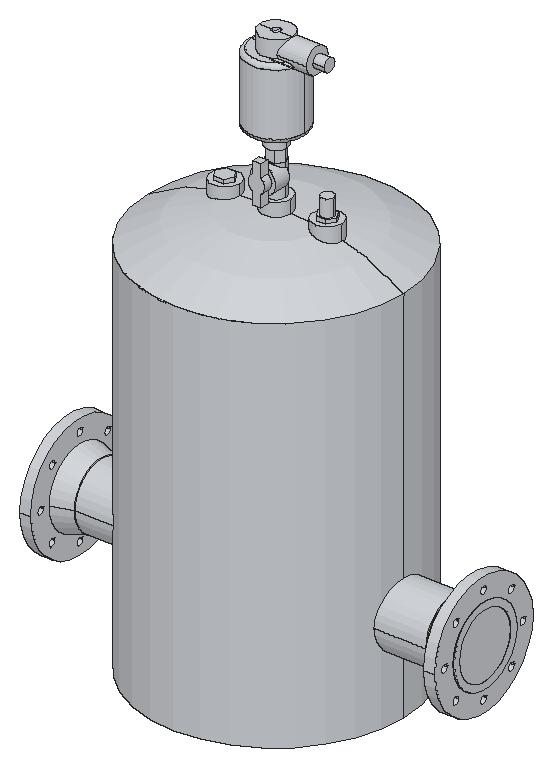
Revit family "307_9ea7d12cee1e489fa1276d4329909b", category Pipe Accessories, Revit 2022
Family settings
  Round Connector Dimension = Use Diameter
  Part Type = Breaks Into
  Work Plane-Based = No
  Always vertical = Yes
  Cut with Voids When Loaded = No
  Shared = No
Parameters (values of type "2258 80")
  magiProductId = "75b5f049f10b4ad7af4111e15f281b"
  magiProductFamilyId = "9ea7d12cee1e489fa1276d4329909b"
  magiPartTypeId = 307
  isMeasuringValve [instance] = no
  ang2D [instance] = 0.00°
  W2D = 100 mm
  VersionID = "2.0/2018.5.23.1/FAR_2258_001"
  Use Minimum Symbol Size [instance] = yes
  RR = 7.5 mm
  RH = 12 mm
  RC = 39 mm
  R2 = 12.5 mm
  R = 40 mm
  QmdConnectorList = "301;D;302;D"
  Productdata [instance] = "© MagiCAD Group, all rights reserved"
  NR1 = 17.5 mm
  NR = 11.25 mm
  Manufacturer = "FAR"
  Maintenance Zone Under Depth [instance] = 150 mm
  Maintenance Zone Right Depth [instance] = 256.5 mm
  Maintenance Zone Over Depth [instance] = 585 mm
  Maintenance Zone Left Depth [instance] = 256.5 mm
  Maintenance Zone Front Depth [instance] = 313 mm
  Maintenance Zone Back Depth [instance] = 313 mm
  Maintenance Zone Front Visibility [instance] = no
  MC Product Code = "2258 80"
  LM = 429.9 mm
  LL = 255.5 mm
  L2D_Min = 3048 mm
  L2D = 511 mm
  L1 = 25.55 mm
  HT = 390 mm
  HE1 = no
  HE = yes
  HD2 = 5 mm
  HCD2 = 60 mm
  HC = 42.426 mm
  G4 = 62.6 mm
  G = 156.5 mm
  ER = 85.8 mm
  EEE = 5 mm
  E4 = 19.5 mm
  E3 = 19.5 mm
  E2 = 39 mm
  E1 = 15.6 mm
  Description = "Flanged deaerator, swiveling air vent, max. press. 10 bar"
  Default Elevation = 0 mm
  DM2 = 48 mm
  DM1 = 48 mm
  D12 = 75 mm
  D = 80 mm
  CenSd_NR_6 = NR * cos(30.00°)  # 9.743 mm
  CenSd_NR1_6 = NR1 * cos(30.00°)  # 15.155 mm
  Clearance Zone Height Depth [instance] = 585 mm
  Clearance Zone Circular Radius [instance] = 256.5 mm
  Clearance Zone Visibility [instance] = no
  B1__ve = -B1  # -2 mm
  B11__ve = -B11  # -13 mm
  B11 = 13 mm
  B1 = 2 mm
  A = 178 mm
Types (4, lengths in mm): name | magiProductId | RC | R | Productdata | Maintenance Zone Right Depth | Maintenance Zone Over Depth | Maintenance Zone Left Depth | Maintenance Zone Front Depth | Maintenance Zone Back Depth | MC Product Code | LM | LL | L1 | HT | HE1 | HE | HCD2 | HC | G4 | G | ER | E4 | E3 | E2 | E1 | DM2 | DM1 | D12 | D | Clearance Zone Height Depth | Clearance Zone Circular Radius | A
  2258 100 | "25a53c9746d945658aea968eb50474" | 39 | 50 | "© Progman Oy, all rights reserved" | 256.5 | 585 | 256.5 | 313 | 313 | "2258 100" | 429.9 | 255.5 | 25.55 | 390 | no | yes | 65 | 45.962 | 62.6 | 156.5 | 85.8 | 19.5 | 19.5 | 39 | 15.6 | 52 | 60 | 75 | 100 | 585 | 256.5 | 178
  2258 50 | "26d32bb700464772a070e503b4e49b" | 31.667 | 25 | "© Progman Oy, all rights reserved" | 172 | 475 | 172 | 208 | 208 | "2258 50" | 279.6 | 172 | 17.2 | 316.667 | yes | no | 40 | 28.284 | 41.6 | 104 | 69.667 | 15.833 | 15.833 | 31.667 | 12.667 | 32 | 30 | 50 | 50 | 475 | 197 | 148
  2258 65 | "66933bce9db34afe94ccd17522d7ed" | 31.667 | 32.5 | "© Progman Oy, all rights reserved" | 172 | 475 | 172 | 208 | 208 | "2258 65" | 279.6 | 172 | 17.2 | 316.667 | no | yes | 40 | 28.284 | 41.6 | 104 | 69.667 | 15.833 | 15.833 | 31.667 | 12.667 | 32 | 39 | 50 | 65 | 475 | 172 | 148
  2258 80 | "75b5f049f10b4ad7af4111e15f281b" | 39 | 40 | "© MagiCAD Group, all rights reserved" | 256.5 | 585 | 256.5 | 313 | 313 | "2258 80" | 429.9 | 255.5 | 25.55 | 390 | no | yes | 60 | 42.426 | 62.6 | 156.5 | 85.8 | 19.5 | 19.5 | 39 | 15.6 | 48 | 48 | 75 | 80 | 585 | 256.5 | 178
Reference planes
  plane 1 "Center (Front/Back)": y = 0
  plane 2 "XYPLANE": z = 0
  plane 3 "Center (Left/Right)": x = 0
  plane 4 "571": z = 405.6
  plane 5 "562": x = 62.6
  plane 6 "561": x = -62.6
  plane 7 "560": z = 400.6
  plane 8 "557": z = 361
  plane 9 "516": y = -313
  plane 10 "515": y = 313
  plane 11 "514": x = -256.5
  plane 12 "513": x = 256.5
  plane 13 "512": z = -150
  plane 14 "511": z = 585
  plane 15 "482": z = -168
  plane 16 "481": z = -153
  plane 17 "470": x = -5
  plane 18 "469": x = 5
  plane 19 "468": z = 420
  plane 20 "467": z = 438
  plane 21 "466": z = 405
  plane 22 "465": z = 453
  plane 23 "464": y = -20
  plane 24 "462": z = 429
  plane 25 "459": x = 50
  plane 26 "456": z = 569.4
  plane 27 "449": x = -35
  plane 28 "448": x = -20
  plane 29 "447": x = -5
  plane 30 "444": z = 585
  plane 31 "443": z = 565.5
  plane 32 "442": z = 479.7
  plane 33 "439": z = 460.2
  plane 34 "436": z = 444.6
  plane 35 "432": z = 405.6
  plane 36 "425": z = -114
  plane 37 "414": z = 351
  plane 38 "412": x = -156.5
  plane 39 "411": x = -10
  plane 40 "410": z = 390
  plane 41 "399": z = -178
  plane 42 "352": x = 214.95
  plane 43 "351": x = 240.5
  plane 44 "346": x = -214.95
  plane 45 "345": x = -240.5
  plane 46 "342": x = -253.5
  plane 47 "317": z = -42.426
  plane 48 "316": z = 42.426
  plane 49 "315": z = -60
  plane 50 "314": z = 60
  plane 51 "313": y = -60
  plane 52 "312": y = 60
  plane 53 "311": y = -42.426
  plane 54 "310": y = 42.426
  plane 55 "309": x = 253.5
  plane 56 "77": y = 0
  plane 57 "76": z = 0
  plane 58 "75": x = 0
  plane 59 "74": x = -255.5
  plane 60 "73": x = 255.5
Forms (mm)
  Extrusion 1, solid
    sketch origin (-750, 0, 405.6) x (1, 0, 0) y (0, 1, 0)
      loop
        circle (812.6, 0) r 7.5
    from 0 to 20
  Extrusion 2, solid
    sketch origin (-750, 0, 400.6) x (1, 0, 0) y (0, 1, 0)
      loop
        line (823.85, 0) -> (818.225, 9.743) -> (806.975, 9.743) -> (801.35, 0) -> (806.975, -9.743) -> (818.225, -9.743) -> (823.85, 0)
    from 0 to 5 <- "EEE"
  Extrusion 3, solid
    sketch origin (-750, 0, 400.6) x (1, 0, 0) y (0, 1, 0)
      loop
        line (698.65, 0) -> (693.025, 9.743) -> (681.775, 9.743) -> (676.15, 0) -> (681.775, -9.743) -> (693.025, -9.743) -> (698.65, 0)
    from 0 to 5 <- "EEE"
  Blend 4, solid
    base sketch origin (-750, 0, 361) x (1, 0, 0) y (0, 1, 0)
      loop
        circle (812.6, 0) r 17.5
    top sketch origin (-750, 0, 361) x (1, 0, 0) y (0, 1, 0)
      loop
        circle (812.6, 0) r 17.5
    from 0 to 39.6
  Blend 5, solid
    base sketch origin (-750, 0, 361) x (1, 0, 0) y (0, 1, 0)
      loop
        circle (687.4, 0) r 17.5
    top sketch origin (-750, 0, 361) x (1, 0, 0) y (0, 1, 0)
      loop
        circle (687.4, 0) r 17.5
    from 0 to 39.6
  Blend 6, solid, visible <- "Maintenance Zone Front Visibility"
    base sketch origin (-750, 0, 585) x (1, 0, 0) y (0, 1, 0)
      loop
        line (493.5, -313) -> (1006.5, -313) -> (1006.5, 313) -> (493.5, 313) -> (493.5, -313)
    top sketch origin (-750, 0, 585) x (1, 0, 0) y (0, 1, 0)
      loop
        line (493.5, -313) -> (1006.5, -313) -> (1006.5, 313) -> (493.5, 313) -> (493.5, -313)
    from 0 to -735
  Extrusion 7, solid, visible <- "Clearance Zone Visibility"
    sketch origin (-750, 0, 0) x (1, 0, 0) y (0, 1, 0)
      loop
        circle (750, 0) r 256.5
    from 0 to 585 <- "Clearance Zone Height Depth"
  Extrusion 8, solid
    sketch origin (-750, 0, -168) x (1, 0, 0) y (0, 1, 0)
      loop
        line (732.5, 0) -> (741.25, -15.155) -> (758.75, -15.155) -> (767.5, 0) -> (758.75, 15.155) -> (741.25, 15.155) -> (732.5, 0)
      loop
        circle (750, 0) r 12.5
    from 0 to -10
  Extrusion 9, solid
    sketch origin (-750, 0, -153) x (1, 0, 0) y (0, 1, 0)
      loop
        circle (750, 0) r 17.5
    from 0 to -15
  Extrusion 10, solid
    sketch origin (750, -20, 0) x (-1, 0, 0) y (0, 0, 1)
      loop
        line (755, 438) -> (755, 453) -> (745, 453) -> (745, 438)
        arc (745, 438) -> (740, 429) -> (745, 420) r 10.6
        line (745, 420) -> (745, 405) -> (755, 405) -> (755, 420)
        arc (755, 420) -> (760, 429) -> (755, 438) r 10.6
    from 0 to -10
  Extrusion 11, solid
    sketch origin (750, 0, 0) x (-1, 0, 0) y (0, 0, 1)
      loop
        circle (750, 429) r 15.6
    from 0 to -20
  Extrusion 12, solid
    sketch origin (50, -750, 0) x (0, 1, 0) y (0, 0, 1)
      loop
        circle (750, 569.4) r 7.5
    from 0 to 15
  Extrusion 13, solid
    sketch origin (0, -750, 0) x (0, 1, 0) y (0, 0, 1)
      loop
        circle (750, 569.4) r 15.6
    from 0 to 50
  Revolve 14, solid
    sketch origin (-5, 0, 585) x (0, 0, -1) y (1, 0, 0)
      loop
        line (0, 0) -> (0, -15) -> (19.5, -15) -> (19.5, -25)
        arc (19.5, -25) -> (20.964, -28.536) -> (24.5, -30) r 5
        line (24.5, -30) -> (100.3, -30)
        arc (100.3, -30) -> (103.836, -28.536) -> (105.3, -25) r 5
        line (105.3, -25) -> (105.3, 0) -> (0, 0)
      axis (0, 5) -> (105.3, 5)
    angle from 0 to -360
  Extrusion 15, solid
    sketch origin (-750, 0, 460.2) x (1, 0, 0) y (0, 1, 0)
      loop
        circle (750, 0) r 12.5
    from 0 to 19.5 <- "E4"
  Extrusion 16, solid
    sketch origin (-750, 0, 405.6) x (1, 0, 0) y (0, 1, 0)
      loop
        circle (750, 0) r 11.25
    from 0 to 39 <- "E2"
  Extrusion 17, solid
    sketch origin (-750, 0, 444.6) x (1, 0, 0) y (0, 1, 0)
      loop
        line (761.25, 0) -> (755.625, 9.743) -> (744.375, 9.743) -> (738.75, 0) -> (744.375, -9.743) -> (755.625, -9.743) -> (761.25, 0)
    from 0 to 15.6 <- "E1"
  Extrusion 18, solid
    sketch origin (-750, 0, 390) x (1, 0, 0) y (0, 1, 0)
      loop
        circle (750, 0) r 17.5
    from 0 to 15.6 <- "E1"
  Revolve 19, solid
    sketch origin (-10, 0, -153) x (0, 0, -1) y (1, 0, 0)
      loop
        line (0, 0) -> (-543, 0)
        arc (-543, 0) -> (-535.096, -76.337) -> (-504, -146.5) r 245.409
        line (-504, -146.5) -> (-39, -146.5)
        arc (-39, -146.5) -> (-7.904, -76.337) -> (0, 0) r 245.409
      axis (-543, 10) -> (0, 10)
    angle from 0 to -360
  Extrusion 20, solid
    sketch origin (-214.95, -750, 0) x (0, 1, 0) y (0, 0, 1)
      loop
        circle (750, 0) r 40
    from 0 to 429.9 <- "LM"
  Blend 21, solid
    base sketch origin (214.95, -750, 0) x (0, 1, 0) y (0, 0, 1)
      loop
        circle (750, 0) r 40
    top sketch origin (214.95, -750, 0) x (0, 1, 0) y (0, 0, 1)
      loop
        circle (750, 0) r 48
    from 0 to 25.55
  Blend 22, solid
    base sketch origin (-240.5, -750, 0) x (0, 1, 0) y (0, 0, 1)
      loop
        circle (750, 0) r 48
    top sketch origin (-240.5, -750, 0) x (0, 1, 0) y (0, 0, 1)
      loop
        circle (750, 0) r 40
    from 0 to 25.55
  Extrusion 23, solid, visible <- "HE"
    sketch origin (-253.5, -750, 0) x (0, 1, 0) y (0, 0, 1)
      loop
        circle (750, 0) r 75
      loop
        circle (792.426, -42.426) r 5
      loop
        circle (810, 0) r 5
      loop
        circle (792.426, 42.426) r 5
      loop
        circle (750, 60) r 5
      loop
        circle (690, 0) r 5
      loop
        circle (707.574, 42.426) r 5
      loop
        circle (707.574, -42.426) r 5
      loop
        circle (750, -60) r 5
    from 0 to 13 <- "B11"
  Extrusion 24, solid, visible <- "HE1"
    sketch origin (-253.5, -750, 0) x (0, 1, 0) y (0, 0, 1)
      loop
        circle (750, 0) r 75
      loop
        circle (792.426, -42.426) r 5
      loop
        circle (792.426, 42.426) r 5
      loop
        circle (707.574, 42.426) r 5
      loop
        circle (707.574, -42.426) r 5
    from 0 to 13 <- "B11"
  Extrusion 25, solid
    sketch origin (-255.5, -750, 0) x (0, 1, 0) y (0, 0, 1)
      loop
        circle (750, 0) r 48
      loop
        circle (750, 0) r 40
    from 0 to 2 <- "B1"
  Extrusion 26, solid
    sketch origin (255.5, -750, 0) x (0, 1, 0) y (0, 0, 1)
      loop
        circle (750, 0) r 48
      loop
        circle (750, 0) r 40
    from 0 to -2 <- "B1__ve"
  Extrusion 27, solid, visible <- "HE1"
    sketch origin (253.5, -750, 0) x (0, 1, 0) y (0, 0, 1)
      loop
        circle (750, 0) r 75
      loop
        circle (792.426, -42.426) r 5
      loop
        circle (792.426, 42.426) r 5
      loop
        circle (707.574, 42.426) r 5
      loop
        circle (707.574, -42.426) r 5
    from 0 to -13 <- "B11__ve"
  Extrusion 28, solid, visible <- "HE"
    sketch origin (253.5, -750, 0) x (0, 1, 0) y (0, 0, 1)
      loop
        circle (750, 0) r 75
      loop
        circle (792.426, -42.426) r 5
      loop
        circle (810, 0) r 5
      loop
        circle (792.426, 42.426) r 5
      loop
        circle (750, 60) r 5
      loop
        circle (690, 0) r 5
      loop
        circle (707.574, 42.426) r 5
      loop
        circle (707.574, -42.426) r 5
      loop
        circle (750, -60) r 5
    from 0 to -13 <- "B11__ve"
  Extrusion 29, solid, not visible
    sketch origin (-255.5, -750, 0) x (0, 1, 0) y (0, 0, 1)
      loop
        circle (750, 0) r 10
    from 0 to 10
  Extrusion 30, solid, not visible
    sketch origin (255.5, -750, 0) x (0, 1, 0) y (0, 0, 1)
      loop
        circle (750, 0) r 10
    from 0 to -10
Lines and regions (mm)
  reference lines, not visible
    curve 1: circle (2, 2, 0) r 1 normal (0, 0, 1)
  reference lines
    curve 2: line (62.6, 0, 400.6) -> (59.787, 4.871, 400.6)
    curve 3: line (62.6, 0, 400.6) -> (56.975, 0, 400.6)
    curve 4: line (62.6, 0, 400.6) -> (59.787, -4.871, 400.6)
    curve 5: line (-62.6, 0, 400.6) -> (-65.412, 4.871, 400.6)
    curve 6: line (-62.6, 0, 400.6) -> (-68.225, 0, 400.6)
    curve 7: line (-62.6, 0, 400.6) -> (-65.412, -4.871, 400.6)
    curve 8: line (0, 0, -168) -> (4.375, 7.578, -168)
    curve 9: line (0, 0, -168) -> (8.75, 0, -168)
    curve 10: line (0, 0, -168) -> (4.375, -7.578, -168)
    curve 11: line (5, -20, 438) -> (5, -20, 420)
    curve 12: line (-5, -20, 420) -> (-5, -20, 438)
    curve 13: line (0, 0, 444.6) -> (-2.813, 4.871, 444.6)
    curve 14: line (0, 0, 444.6) -> (-5.625, 0, 444.6)
    curve 15: line (0, 0, 444.6) -> (-2.812, -4.871, 444.6)
    curve 16: line (-10, 0, 390) -> (-156.5, 0, 351)
    curve 17: line (-156.5, 0, -114) -> (-10, 0, -153)
Dimensions and locks
  plane 1 "Center (Front/Back)" to curve 1 = 2 mm
  "EEE": plane 7 "560" to plane 4 "571"
  "G4": plane 3 "Center (Left/Right)" to plane 5 "562"
  "G4": plane 3 "Center (Left/Right)" to plane 6 "561"
  locked: plane 35 "432" to plane 7 "560" at 5
  locked: plane 37 "414" to plane 8 "557" at 10
  "Maintenance Zone Front Depth": plane 1 "Center (Front/Back)" to plane 9 "516"
  "Maintenance Zone Back Depth": plane 1 "Center (Front/Back)" to plane 10 "515"
  "Maintenance Zone Left Depth": plane 3 "Center (Left/Right)" to plane 11 "514"
  "Maintenance Zone Right Depth": plane 3 "Center (Left/Right)" to plane 12 "513"
  "Maintenance Zone Under Depth": plane 2 "XYPLANE" to plane 13 "512"
  "Maintenance Zone Over Depth": plane 2 "XYPLANE" to plane 14 "511"
  locked: plane 41 "399" to plane 15 "482" at 10
  locked: plane 15 "482" to plane 16 "481" at 15
  locked: plane 3 "Center (Left/Right)" to plane 17 "470" at 5
  locked: plane 3 "Center (Left/Right)" to plane 18 "469" at 5
  locked: plane 21 "466" to plane 19 "468" at 15
  locked: plane 22 "465" to plane 20 "467" at 15
  locked: plane 24 "462" to plane 21 "466" at 24
  locked: plane 24 "462" to plane 22 "465" at 24
  locked: plane 56 "77" to plane 23 "464" at 20
  "E1": plane 34 "436" to plane 24 "462"
  locked: plane 3 "Center (Left/Right)" to plane 25 "459" at 50
  "E1": plane 30 "444" to plane 26 "456"
  locked: plane 28 "448" to plane 27 "449" at 15
  locked: plane 29 "447" to plane 28 "448" at 15
  locked: plane 3 "Center (Left/Right)" to plane 29 "447" at 5
  "E3": plane 31 "443" to plane 30 "444"
  "ER": plane 32 "442" to plane 31 "443"
  "E4": plane 33 "439" to plane 32 "442"
  "E1": plane 34 "436" to plane 33 "439"
  "E2": plane 35 "432" to plane 34 "436"
  "E1": plane 40 "410" to plane 35 "432"
  "RC": plane 16 "481" to plane 36 "425"
  "RC": plane 40 "410" to plane 37 "414"
  "G": plane 3 "Center (Left/Right)" to plane 38 "412"
  locked: plane 3 "Center (Left/Right)" to plane 39 "411" at 10
  "HT": plane 2 "XYPLANE" to plane 40 "410"
  "A": plane 2 "XYPLANE" to plane 41 "399"
  "L1": plane 43 "351" to plane 42 "352"
  "B11": plane 55 "309" to plane 43 "351"
  "L1": plane 45 "345" to plane 44 "346"
  "B11": plane 46 "342" to plane 45 "345"
  "B1": plane 59 "74" to plane 46 "342"
  "HC": plane 2 "XYPLANE" to plane 47 "317"
  "HC": plane 2 "XYPLANE" to plane 48 "316"
  "HCD2": plane 2 "XYPLANE" to plane 49 "315"
  "HCD2": plane 2 "XYPLANE" to plane 50 "314"
  "HCD2": plane 1 "Center (Front/Back)" to plane 51 "313"
  "HCD2": plane 1 "Center (Front/Back)" to plane 52 "312"
  "HC": plane 1 "Center (Front/Back)" to plane 53 "311"
  "HC": plane 1 "Center (Front/Back)" to plane 54 "310"
  "B1": plane 60 "73" to plane 55 "309"
  locked: plane 1 "Center (Front/Back)" to plane 56 "77"
  locked: plane 2 "XYPLANE" to plane 57 "76"
  locked: plane 3 "Center (Left/Right)" to plane 58 "75"
  "LL": plane 3 "Center (Left/Right)" to plane 59 "74"
  "LL": plane 3 "Center (Left/Right)" to plane 60 "73"
  "CenSd_NR_6": curve 2 to Extrusion 2 sketch curve  (x2)
  "CenSd_NR_6": curve 3 to Extrusion 2 sketch curve  (x2)
  "CenSd_NR_6": curve 4 to Extrusion 2 sketch curve  (x2)
  Extrusion 2 sketch curve to Extrusion 2 sketch curve = 0 mm  (x12)
  "CenSd_NR_6": curve 5 to Extrusion 3 sketch curve  (x2)
  "CenSd_NR_6": curve 6 to Extrusion 3 sketch curve  (x2)
  "CenSd_NR_6": curve 7 to Extrusion 3 sketch curve  (x2)
  Extrusion 3 sketch curve to Extrusion 3 sketch curve = 0 mm  (x12)
  Blend 6 sketch curve to Blend 6 sketch curve = 0 mm  (x16)
  "CenSd_NR1_6": curve 8 to Extrusion 8 sketch curve  (x2)
  "CenSd_NR1_6": curve 9 to Extrusion 8 sketch curve  (x2)
  "CenSd_NR1_6": curve 10 to Extrusion 8 sketch curve  (x2)
  Extrusion 8 sketch curve to Extrusion 8 sketch curve = 0 mm  (x12)
  Extrusion 10 sketch curve to Extrusion 10 sketch curve = 0 mm  (x16)
  Revolve 14 sketch curve to Revolve 14 sketch curve = 0 mm  (x16)
  "CenSd_NR_6": curve 13 to Extrusion 17 sketch curve  (x2)
  "CenSd_NR_6": curve 14 to Extrusion 17 sketch curve  (x2)
  "CenSd_NR_6": curve 15 to Extrusion 17 sketch curve  (x2)
  Extrusion 17 sketch curve to Extrusion 17 sketch curve = 0 mm  (x12)
  "RH": curve 16 to Revolve 19 sketch curve
  "RH": curve 17 to Revolve 19 sketch curve
  Revolve 19 sketch curve to Revolve 19 sketch curve = 0 mm  (x8)
  "RR": radius of Extrusion 1 sketch curve
  "NR1": radius of Blend 4 sketch curve  (x2)
  "NR1": radius of Blend 5 sketch curve  (x2)
  "Clearance Zone Circular Radius": radius of Extrusion 7 sketch curve
  "R2": radius of Extrusion 8 sketch curve
  "NR1": radius of Extrusion 9 sketch curve
  "E1": radius of Extrusion 11 sketch curve
  "RR": radius of Extrusion 12 sketch curve
  "E1": radius of Extrusion 13 sketch curve
  radius of Revolve 14 sketch curve = 5 mm  (x2)
  "R2": radius of Extrusion 15 sketch curve
  "NR": radius of Extrusion 16 sketch curve
  "NR1": radius of Extrusion 18 sketch curve
  "R": radius of Extrusion 20 sketch curve
  "DM1": radius of Blend 21 sketch curve
  "R": radius of Blend 21 sketch curve
  "R": radius of Blend 22 sketch curve
  "DM1": radius of Blend 22 sketch curve
  "D12": radius of Extrusion 23 sketch curve
  "HD2": radius of Extrusion 23 sketch curve  (x8)
  "D12": radius of Extrusion 24 sketch curve
  "HD2": radius of Extrusion 24 sketch curve  (x4)
  "DM2": radius of Extrusion 25 sketch curve
  "R": radius of Extrusion 25 sketch curve
  "DM2": radius of Extrusion 26 sketch curve
  "R": radius of Extrusion 26 sketch curve
  "D12": radius of Extrusion 27 sketch curve
  "HD2": radius of Extrusion 27 sketch curve  (x4)
  "D12": radius of Extrusion 28 sketch curve
  "HD2": radius of Extrusion 28 sketch curve  (x8)
  locked: curve 3 to curve 2 (angle 60.00°)
  locked: curve 4 to curve 3 (angle 60.00°)
  locked: curve 4 to curve 2 (angle 120.00°)
  locked: curve 6 to curve 5 (angle 60.00°)
  locked: curve 7 to curve 6 (angle 60.00°)
  locked: curve 7 to curve 5 (angle 120.00°)
  locked: curve 9 to curve 8 (angle 60.00°)
  locked: curve 10 to curve 9 (angle 60.00°)
  locked: curve 10 to curve 8 (angle 120.00°)
  locked: curve 14 to curve 13 (angle 60.00°)
  locked: curve 15 to curve 14 (angle 60.00°)
  locked: curve 15 to curve 13 (angle 120.00°)
  aligned and locked: level to plane 2 "XYPLANE"
  aligned and locked: plane 5 "562" to Extrusion 1 sketch curve
  aligned and locked: plane 56 "77" to Extrusion 1 sketch curve
  aligned and locked: plane 5 "562" to curve 4
  aligned and locked: plane 56 "77" to curve 4
  aligned and locked: plane 6 "561" to curve 6
  aligned and locked: plane 56 "77" to curve 6
  aligned and locked: plane 5 "562" to Blend 4 sketch curve  (x2)
  aligned and locked: plane 56 "77" to Blend 4 sketch curve  (x2)
  aligned and locked: plane 7 "560" to Blend 4
  aligned and locked: plane 6 "561" to Blend 5 sketch curve  (x2)
  aligned and locked: plane 56 "77" to Blend 5 sketch curve  (x2)
  aligned and locked: plane 7 "560" to Blend 5
  aligned and locked: plane 11 "514" to Blend 6 sketch curve  (x4)
  aligned and locked: plane 9 "516" to Blend 6 sketch curve  (x4)
  aligned and locked: plane 10 "515" to Blend 6 sketch curve  (x4)
  aligned and locked: plane 12 "513" to Blend 6 sketch curve  (x4)
  aligned and locked: Blend 6 to plane 13 "512"
  aligned and locked: plane 56 "77" to Extrusion 7 sketch curve
  aligned and locked: plane 58 "75" to Extrusion 7 sketch curve
  aligned and locked: plane 56 "77" to curve 10
  aligned and locked: plane 58 "75" to curve 10
  aligned and locked: plane 56 "77" to Extrusion 8 sketch curve
  aligned and locked: plane 58 "75" to Extrusion 8 sketch curve
  aligned and locked: plane 56 "77" to Extrusion 9 sketch curve
  aligned and locked: plane 58 "75" to Extrusion 9 sketch curve
  aligned and locked: Extrusion 10 sketch curve to plane 17 "470"
  aligned and locked: plane 20 "467" to Extrusion 10 sketch curve  (x2)
  aligned and locked: plane 22 "465" to Extrusion 10 sketch curve  (x2)
  aligned and locked: plane 17 "470" to Extrusion 10 sketch curve  (x2)
  aligned and locked: plane 18 "469" to Extrusion 10 sketch curve  (x3)
  aligned and locked: plane 18 "469" to curve 11
  aligned and locked: plane 20 "467" to curve 11
  aligned and locked: plane 19 "468" to curve 11
  aligned and locked: plane 19 "468" to Extrusion 10 sketch curve  (x2)
  aligned and locked: plane 21 "466" to Extrusion 10 sketch curve  (x2)
  aligned and locked: curve 12 to plane 17 "470"
  aligned and locked: plane 19 "468" to curve 12
  aligned and locked: plane 20 "467" to curve 12
  aligned and locked: plane 24 "462" to Extrusion 11 sketch curve
  aligned and locked: plane 58 "75" to Extrusion 11 sketch curve
  aligned and locked: plane 26 "456" to Extrusion 12 sketch curve
  aligned and locked: plane 56 "77" to Extrusion 12 sketch curve
  aligned and locked: plane 26 "456" to Extrusion 13 sketch curve
  aligned and locked: plane 56 "77" to Extrusion 13 sketch curve
  aligned and locked: Revolve 14 sketch curve to plane 30 "444"
  aligned and locked: plane 29 "447" to Revolve 14 sketch curve
  aligned and locked: plane 28 "448" to Revolve 14 sketch curve  (x2)
  aligned and locked: plane 30 "444" to Revolve 14 sketch curve  (x2)
  aligned and locked: plane 31 "443" to Revolve 14 sketch curve
  aligned and locked: plane 27 "449" to Revolve 14 sketch curve
  aligned and locked: plane 32 "442" to Revolve 14 sketch curve  (x3)
  aligned and locked: Revolve 14 sketch curve to plane 29 "447"
  aligned and locked: plane 58 "75" to Revolve 14 sketch curve
  aligned and locked: plane 56 "77" to Extrusion 15 sketch curve
  aligned and locked: plane 58 "75" to Extrusion 15 sketch curve
  aligned and locked: plane 56 "77" to Extrusion 16 sketch curve
  aligned and locked: plane 58 "75" to Extrusion 16 sketch curve
  aligned and locked: plane 56 "77" to curve 15
  aligned and locked: plane 58 "75" to curve 15
  aligned and locked: plane 56 "77" to Extrusion 18 sketch curve
  aligned and locked: plane 58 "75" to Extrusion 18 sketch curve
  aligned and locked: Revolve 19 sketch curve to plane 39 "411"
  aligned and locked: plane 16 "481" to Revolve 19 sketch curve  (x2)
  aligned and locked: plane 40 "410" to Revolve 19 sketch curve  (x2)
  aligned and locked: plane 39 "411" to curve 16
  aligned and locked: plane 40 "410" to curve 16
  aligned and locked: plane 37 "414" to curve 16
  aligned and locked: plane 38 "412" to curve 16
  aligned and locked: plane 38 "412" to Revolve 19 sketch curve
  aligned and locked: plane 37 "414" to Revolve 19 sketch curve
  aligned and locked: plane 36 "425" to Revolve 19 sketch curve
  aligned and locked: plane 36 "425" to curve 17
  aligned and locked: plane 38 "412" to curve 17
  aligned and locked: plane 16 "481" to curve 17
  aligned and locked: plane 39 "411" to curve 17
  aligned and locked: plane 58 "75" to Revolve 19 sketch curve
  aligned and locked: Extrusion 20 sketch curve to plane 56 "77"
  aligned and locked: plane 57 "76" to Extrusion 20 sketch curve
  aligned and locked: Blend 21 sketch curve to plane 56 "77"  (x2)
  aligned and locked: plane 57 "76" to Blend 21 sketch curve  (x2)
  aligned and locked: plane 43 "351" to Blend 21
  aligned and locked: Blend 22 sketch curve to plane 56 "77"  (x2)
  aligned and locked: plane 57 "76" to Blend 22 sketch curve  (x2)
  aligned and locked: plane 44 "346" to Blend 22
  aligned and locked: Extrusion 23 sketch curve to plane 56 "77"  (x2)
  aligned and locked: plane 57 "76" to Extrusion 23 sketch curve  (x3)
  aligned and locked: plane 47 "317" to Extrusion 23 sketch curve  (x2)
  aligned and locked: Extrusion 23 sketch curve to plane 54 "310"
  aligned and locked: Extrusion 23 sketch curve to plane 52 "312"
  aligned and locked: plane 48 "316" to Extrusion 23 sketch curve  (x2)
  aligned and locked: plane 54 "310" to Extrusion 23 sketch curve
  aligned and locked: plane 50 "314" to Extrusion 23 sketch curve
  aligned and locked: plane 56 "77" to Extrusion 23 sketch curve
  aligned and locked: Extrusion 23 sketch curve to plane 51 "313"
  aligned and locked: plane 53 "311" to Extrusion 23 sketch curve
  aligned and locked: Extrusion 23 sketch curve to plane 53 "311"
  aligned and locked: plane 49 "315" to Extrusion 23 sketch curve
  aligned and locked: Extrusion 24 sketch curve to plane 56 "77"
  aligned and locked: plane 57 "76" to Extrusion 24 sketch curve
  aligned and locked: plane 47 "317" to Extrusion 24 sketch curve  (x2)
  aligned and locked: Extrusion 24 sketch curve to plane 54 "310"
  aligned and locked: plane 48 "316" to Extrusion 24 sketch curve  (x2)
  aligned and locked: plane 54 "310" to Extrusion 24 sketch curve
  aligned and locked: plane 53 "311" to Extrusion 24 sketch curve
  aligned and locked: Extrusion 24 sketch curve to plane 53 "311"
  aligned and locked: Extrusion 25 sketch curve to plane 56 "77"  (x2)
  aligned and locked: plane 57 "76" to Extrusion 25 sketch curve  (x2)
  aligned and locked: Extrusion 26 sketch curve to plane 56 "77"  (x2)
  aligned and locked: plane 57 "76" to Extrusion 26 sketch curve  (x2)
  aligned and locked: Extrusion 27 sketch curve to plane 56 "77"
  aligned and locked: plane 57 "76" to Extrusion 27 sketch curve
  aligned and locked: plane 47 "317" to Extrusion 27 sketch curve  (x2)
  aligned and locked: Extrusion 27 sketch curve to plane 54 "310"
  aligned and locked: plane 48 "316" to Extrusion 27 sketch curve  (x2)
  aligned and locked: plane 54 "310" to Extrusion 27 sketch curve
  aligned and locked: plane 53 "311" to Extrusion 27 sketch curve
  aligned and locked: Extrusion 27 sketch curve to plane 53 "311"
  aligned and locked: Extrusion 28 sketch curve to plane 56 "77"  (x2)
  aligned and locked: plane 57 "76" to Extrusion 28 sketch curve  (x3)
  aligned and locked: plane 47 "317" to Extrusion 28 sketch curve  (x2)
  aligned and locked: Extrusion 28 sketch curve to plane 54 "310"
  aligned and locked: Extrusion 28 sketch curve to plane 52 "312"
  aligned and locked: plane 48 "316" to Extrusion 28 sketch curve  (x2)
  aligned and locked: plane 54 "310" to Extrusion 28 sketch curve
  aligned and locked: plane 50 "314" to Extrusion 28 sketch curve
  aligned and locked: plane 56 "77" to Extrusion 28 sketch curve
  aligned and locked: Extrusion 28 sketch curve to plane 51 "313"
  aligned and locked: plane 53 "311" to Extrusion 28 sketch curve
  aligned and locked: Extrusion 28 sketch curve to plane 53 "311"
  aligned and locked: plane 49 "315" to Extrusion 28 sketch curve
  aligned and locked: Extrusion 29 sketch curve to plane 56 "77"
  aligned and locked: plane 57 "76" to Extrusion 29 sketch curve
  aligned and locked: Extrusion 30 sketch curve to plane 56 "77"
  aligned and locked: plane 57 "76" to Extrusion 30 sketch curve
Automatic sketch dimensions
  plane 3 "Center (Left/Right)" to Extrusion 10 sketch curve = 0.6 mm
  Extrusion 10 sketch curve to plane 3 "Center (Left/Right)" = 0.6 mm
  plane 1 "Center (Front/Back)" to Extrusion 29 sketch curve = 10 mm
  plane 1 "Center (Front/Back)" to Extrusion 30 sketch curve = 10 mm
  plane 3 "Center (Left/Right)" to curve 1 = 2 mm
  radius of curve 1 = 1 mm
Connectors
  piping at (-255.5, 0, 0), diameter 80, driven by "D"
    settings: on Extrusion 29, index 1, connector inside diameter 609.6 mm, connector length 0 mm, flow factor 0, pipe flow 0.0 L/s, pressure drop 0.0 Pa, fitting loss kfactor 0, connector angle 0.00°, fixture units 0, engagement length 0 mm, angle of deflection 0.00°, flow configuration 0, flow direction 0, fitting loss method 0, system type 29, joint type 0, gender type 0, connector reference index 2, connector utility 0, adjustable connector no, is connector primary yes, connector description ""
  piping at (255.5, 0, 0), diameter 80, driven by "D"
    settings: on Extrusion 30, index 2, connector inside diameter 609.6 mm, connector length 0 mm, flow factor 0, pipe flow 0.0 L/s, pressure drop 0.0 Pa, fitting loss kfactor 0, connector angle 0.00°, fixture units 0, engagement length 0 mm, angle of deflection 0.00°, flow configuration 0, flow direction 0, fitting loss method 0, system type 29, joint type 0, gender type 0, connector reference index 1, connector utility 0, adjustable connector no, is connector primary no, connector description ""
